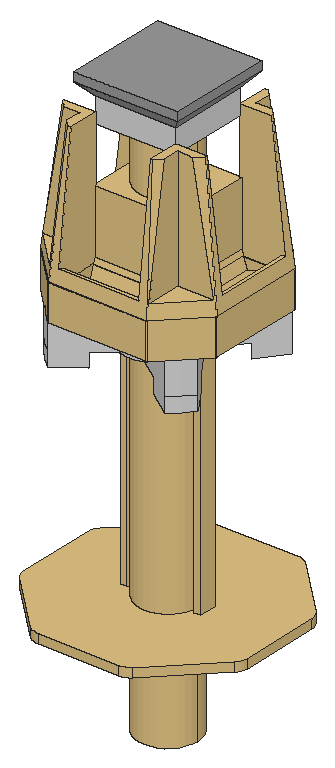
Revit family "CC4_SLOPE CC HEAD_1870440", category Generic Models, Revit 2018
Family settings
  Can host rebar = No
  Round Connector Dimension = Use Diameter
  Part Type = Normal
  OmniClass Number = 35.51.14.00
  OmniClass Title = FORMWORK
  Work Plane-Based = Yes
  Always vertical = No
  Cut with Voids When Loaded = No
  Shared = Yes
  Room Calculation Point = No
Parameters
  VERSION = "20170217"  # constant formula
  URL = "www.ulmaconstruction.com/en"
  UNICLASS = ""
  Manufacturer = "ULMA CONSTRUCTION"  # constant formula
  ITEM_CODE = "1870440"
  FILTER [instance] = ""
  Default Elevation = 0.000 mm
  CLASSIFICATION_TITLE = ""
  CLASSIFICATION_NUMBER = ""
Reference planes
  plane 1 "Centro (Frontal/Posterior)": y = 0
  plane 2: z = 0
  plane 3 "Centro (Izquierda/Derecha)": x = 0
Forms (mm)
  Extrusion 1, solid, material "ULMA BICHROMATE", detail levels medium+fine
    sketch origin (0, 0, 0) x (1, 0, 0) y (0, 1, 0)
      loop
        circle (0, 0) r 20
    from -75 to 314
  Extrusion 2, solid, material "ULMA BICHROMATE", detail levels medium+fine
    sketch origin (0, 0, 0) x (1, 0, 0) y (0, 1, 0)
      loop
        line (26.924, 75) -> (-26.924, 75)
        arc (-26.924, 75) -> (-30.751, 74.239) -> (-33.995, 72.071) r 10
        line (-33.995, 72.071) -> (-72.071, 33.995)
        arc (-72.071, 33.995) -> (-74.239, 30.751) -> (-75, 26.924) r 10
        line (-75, 26.924) -> (-75, -26.924)
        arc (-75, -26.924) -> (-74.239, -30.751) -> (-72.071, -33.995) r 10
        line (-72.071, -33.995) -> (-33.995, -72.071)
        arc (-33.995, -72.071) -> (-30.751, -74.239) -> (-26.924, -75) r 10
        line (-26.924, -75) -> (26.924, -75)
        arc (26.924, -75) -> (30.751, -74.239) -> (33.995, -72.071) r 10
        line (33.995, -72.071) -> (72.071, -33.995)
        arc (72.071, -33.995) -> (74.239, -30.751) -> (75, -26.924) r 10
        line (75, -26.924) -> (75, 26.924)
        arc (75, 26.924) -> (74.239, 30.751) -> (72.071, 33.995) r 10
        line (72.071, 33.995) -> (33.995, 72.071)
        arc (33.995, 72.071) -> (30.751, 74.239) -> (26.924, 75) r 10
    from 0 to 6
  Extrusion 3, solid, material "ULMA BICHROMATE", detail levels fine
    sketch origin (0, 0, 0) x (1, 0, 0) y (0, 1, 0)
      loop
        line (-22.579, 6) -> (-27, 6) -> (-27, -6) -> (-22.579, -6)
        arc (-22.579, -6) -> (-21.807, -3.808) -> (-19.833, -2.582) r 3.5
        arc (-19.833, -2.582) -> (-20, 0) -> (-19.833, 2.582) r 20
        arc (-19.833, 2.582) -> (-21.807, 3.808) -> (-22.579, 6) r 3.5
      loop
        arc (22.579, 6) -> (21.807, 3.808) -> (19.833, 2.582) r 3.5
        arc (19.833, 2.582) -> (20, 0) -> (19.833, -2.582) r 20
        arc (19.833, -2.582) -> (21.807, -3.808) -> (22.579, -6) r 3.5
        line (22.579, -6) -> (27, -6) -> (27, 6) -> (22.579, 6)
    from 6 to 168.413
  Extrusion 4, solid, material "ULMA ZINC", detail levels fine
    sketch origin (0, 0, 0) x (1, 0, 0) y (0, 1, 0)
      loop
        line (-8.322, 29.862) -> (-39.451, 51.659)
        arc (-39.451, 51.659) -> (-45.962, 45.962) -> (-51.659, 39.451) r 65
        line (-51.659, 39.451) -> (-29.862, 8.322)
        arc (-29.862, 8.322) -> (-31, 0) -> (-29.862, -8.322) r 31
        line (-29.862, -8.322) -> (-51.659, -39.451)
        arc (-51.659, -39.451) -> (-45.962, -45.962) -> (-39.451, -51.659) r 65
        line (-39.451, -51.659) -> (-8.322, -29.862)
        arc (-8.322, -29.862) -> (0, -31) -> (8.322, -29.862) r 31
        line (8.322, -29.862) -> (39.451, -51.659)
        arc (39.451, -51.659) -> (45.962, -45.962) -> (51.659, -39.451) r 65
        line (51.659, -39.451) -> (29.862, -8.322)
        arc (29.862, -8.322) -> (31, 0) -> (29.862, 8.322) r 31
        line (29.862, 8.322) -> (51.659, 39.451)
        arc (51.659, 39.451) -> (45.962, 45.962) -> (39.451, 51.659) r 65
        line (39.451, 51.659) -> (8.322, 29.862)
        arc (8.322, 29.862) -> (0, 31) -> (-8.322, 29.862) r 31
    from 162 to 184
  Extrusion 5, solid, material "ULMA ZINC", detail levels fine
    sketch origin (0, 0, 0) x (1, 0, 0) y (0, 1, 0)
      loop
        line (-21.726, 39.248) -> (-39.451, 51.659)
        arc (-39.451, 51.659) -> (-45.962, 45.962) -> (-51.659, 39.451) r 65
        line (-51.659, 39.451) -> (-39.287, 21.781)
        arc (-39.287, 21.781) -> (-31.724, 31.739) -> (-21.726, 39.248) r 45.282
      loop
        line (-39.287, -21.781) -> (-51.659, -39.451)
        arc (-51.659, -39.451) -> (-45.962, -45.962) -> (-39.451, -51.659) r 65
        line (-39.451, -51.659) -> (-21.726, -39.248)
        arc (-21.726, -39.248) -> (-31.724, -31.739) -> (-39.287, -21.781) r 45.282
      loop
        line (21.726, -39.248) -> (39.451, -51.659)
        arc (39.451, -51.659) -> (45.962, -45.962) -> (51.659, -39.451) r 65
        line (51.659, -39.451) -> (39.287, -21.781)
        arc (39.287, -21.781) -> (31.724, -31.739) -> (21.726, -39.248) r 45.282
      loop
        line (39.287, 21.781) -> (51.659, 39.451)
        arc (51.659, 39.451) -> (45.962, 45.962) -> (39.451, 51.659) r 65
        line (39.451, 51.659) -> (21.726, 39.248)
        arc (21.726, 39.248) -> (31.724, 31.739) -> (39.287, 21.781) r 45.282
    from 152 to 162
  Extrusion 6, solid, material "ULMA POLYPROPYLENE BLACK", detail levels medium+fine
    sketch origin (0, 0, 0) x (1, 0, 0) y (0, 1, 0)
      loop
        line (-35, 35) -> (-35, -35) -> (35, -35) -> (35, 35) -> (-35, 35)
    from 317.998 to 323.998
  Extrusion 7, solid, material "ULMA ZINC", detail levels fine
    sketch origin (0, 0, 0) x (1, 0, 0) y (0, 1, 0)
      loop
        line (-27, -27) -> (27, -27) -> (27, 27) -> (-27, 27) -> (-27, -27)
    from 292 to 308.598
  Blend 8, solid, material "ULMA POLYPROPYLENE BLACK", detail levels fine
    base sketch origin (0, 0, 308.598) x (1, 0, 0) y (0, 1, 0)
      loop
        line (-27, -27) -> (27, -27) -> (27, 27) -> (-27, 27) -> (-27, -27)
    top sketch origin (0, 0, 317.998) x (1, 0, 0) y (0, 1, 0)
      loop
        line (-35, -35) -> (35, -35) -> (35, 35) -> (-35, 35) -> (-35, -35)
    from 0 to 0
  Blend 9, solid, material "ULMA BICHROMATE", detail levels fine
    base sketch origin (0, 0, 0) x (1, 0, 0) y (0, 1, 0)
      loop
        line (-33, 59) -> (-59, 33) -> (-59, -33) -> (-33, -59) -> (33, -59) -> (59, -33) -> (59, 33) -> (33, 59) -> (-33, 59)
    top sketch origin (0, 0, 0) x (1, 0, 0) y (0, 1, 0)
      loop
        line (28.444, 48) -> (-28.444, 48) -> (-48, 28.444) -> (-48, -28.444) -> (-28.444, -48) -> (28.444, -48) -> (48, -28.444) -> (48, 28.444) -> (28.444, 48)
    from 208.47 to 299
  Extrusion 10, solid, material "ULMA BICHROMATE", detail levels fine
    sketch origin (0, 0, 0) x (1, 0, 0) y (0, 1, 0)
      loop
        arc (33.293, 58.707) -> (32.968, 58.924) -> (32.586, 59) r 1
        line (32.586, 59) -> (-32.586, 59)
        arc (-32.586, 59) -> (-32.968, 58.924) -> (-33.293, 58.707) r 1
        line (-33.293, 58.707) -> (-58.707, 33.293)
        arc (-58.707, 33.293) -> (-58.924, 32.968) -> (-59, 32.586) r 1
        line (-59, 32.586) -> (-59, -32.586)
        arc (-59, -32.586) -> (-58.924, -32.968) -> (-58.707, -33.293) r 1
        line (-58.707, -33.293) -> (-33.293, -58.707)
        arc (-33.293, -58.707) -> (-32.968, -58.924) -> (-32.586, -59) r 1
        line (-32.586, -59) -> (32.586, -59)
        arc (32.586, -59) -> (32.968, -58.924) -> (33.293, -58.707) r 1
        line (33.293, -58.707) -> (58.707, -33.293)
        arc (58.707, -33.293) -> (58.924, -32.968) -> (59, -32.586) r 1
        line (59, -32.586) -> (59, 32.586)
        arc (59, 32.586) -> (58.924, 32.968) -> (58.707, 33.293) r 1
        line (58.707, 33.293) -> (33.293, 58.707)
    from 184 to 208.47
  Extrusion 11, void
    sketch origin (0, 0, 0) x (1, 0, 0) y (0, 1, 0)
      loop
        line (-61.828, 33) -> (-33, 33) -> (-33, 61.828) -> (-61.828, 33)
      loop
        line (61.828, 33) -> (33, 61.828) -> (33, 33) -> (61.828, 33)
      loop
        line (-61.828, -33) -> (-33, -61.828) -> (-33, -33) -> (-61.828, -33)
      loop
        line (61.828, -33) -> (33, -33) -> (33, -61.828) -> (61.828, -33)
    from 218 to 299
  Extrusion 12, void
    sketch origin (0, 0, 0) x (1, 0, 0) y (0, 0, 1)
      loop
        line (-55.629, 218) -> (-52.5, 206.324) -> (-31.636, 200.734) -> (-27.84, 212.122) -> (-27.84, 302.122) -> (-62.84, 302.122) -> (-62.84, 218) -> (-55.629, 218)
      loop
        line (55.629, 218) -> (62.84, 218) -> (62.84, 302.122) -> (27.84, 302.122) -> (27.84, 212.122) -> (31.636, 200.734) -> (52.5, 206.324) -> (55.629, 218)
    from -27 to 27
  Extrusion 13, void
    sketch origin (0, 0, 0) x (0, 1, 0) y (0, 0, -1)
      loop
        line (-55.629, -218) -> (-62.84, -218) -> (-62.84, -302.122) -> (-27.84, -302.122) -> (-27.84, -212.122) -> (-31.636, -200.734) -> (-52.5, -206.324) -> (-55.629, -218)
      loop
        line (55.629, -218) -> (52.5, -206.324) -> (31.636, -200.734) -> (27.84, -212.122) -> (27.84, -302.122) -> (62.84, -302.122) -> (62.84, -218) -> (55.629, -218)
    from -27 to 27
  Extrusion 14, void
    sketch origin (0, 0, 0) x (1, 0, 0) y (0, 1, 0)
      loop
        line (-34, -27) -> (-27, -27) -> (-27, -34) -> (27, -34) -> (27, -27) -> (34, -27) -> (34, 27) -> (27, 27) -> (27, 34) -> (-27, 34) -> (-27, 27) -> (-34, 27) -> (-34, -27)
    from 255 to 304.679
  Blend 15, solid, material "ULMA BICHROMATE", detail levels medium
    base sketch origin (0, 0, 0) x (1, 0, 0) y (0, 1, 0)
      loop
        line (-33, 59) -> (-59, 33) -> (-59, -33) -> (-33, -59) -> (33, -59) -> (59, -33) -> (59, 33) -> (33, 59) -> (-33, 59)
    top sketch origin (0, 0, 0) x (1, 0, 0) y (0, 1, 0)
      loop
        line (28.444, 48) -> (-28.444, 48) -> (-48, 28.444) -> (-48, -28.444) -> (-28.444, -48) -> (28.444, -48) -> (48, -28.444) -> (48, 28.444) -> (28.444, 48)
    from 208.47 to 317.998
  Extrusion 16, solid, material "ULMA BICHROMATE", detail levels medium
    sketch origin (0, 0, 0) x (1, 0, 0) y (0, 1, 0)
      loop
        arc (33.293, 58.707) -> (32.968, 58.924) -> (32.586, 59) r 1
        line (32.586, 59) -> (-32.586, 59)
        arc (-32.586, 59) -> (-32.968, 58.924) -> (-33.293, 58.707) r 1
        line (-33.293, 58.707) -> (-58.707, 33.293)
        arc (-58.707, 33.293) -> (-58.924, 32.968) -> (-59, 32.586) r 1
        line (-59, 32.586) -> (-59, -32.586)
        arc (-59, -32.586) -> (-58.924, -32.968) -> (-58.707, -33.293) r 1
        line (-58.707, -33.293) -> (-33.293, -58.707)
        arc (-33.293, -58.707) -> (-32.968, -58.924) -> (-32.586, -59) r 1
        line (-32.586, -59) -> (32.586, -59)
        arc (32.586, -59) -> (32.968, -58.924) -> (33.293, -58.707) r 1
        line (33.293, -58.707) -> (58.707, -33.293)
        arc (58.707, -33.293) -> (58.924, -32.968) -> (59, -32.586) r 1
        line (59, -32.586) -> (59, 32.586)
        arc (59, 32.586) -> (58.924, 32.968) -> (58.707, 33.293) r 1
        line (58.707, 33.293) -> (33.293, 58.707)
    from 184 to 208.47
Cuts and joins
  Extrusion 11, Extrusion 14 cuts Extrusion 4
  Extrusion 11, Extrusion 14 cuts Extrusion 5
  joined: Extrusion 4, Extrusion 5
  Extrusion 11, Extrusion 14 cuts Extrusion 2
  Extrusion 11, Extrusion 12, Extrusion 13, Extrusion 14 cuts Blend 9
  Extrusion 11, Extrusion 12, Extrusion 13, Extrusion 14 cuts Extrusion 10
  Extrusion 14 cuts Extrusion 3
Lines and regions (mm)
  model lines, style "ULMA SLOPE CC HEAD", detail levels fine
    curve 1: circle (-25.843, 62.39, 0) r 6 normal (0, 0, 1)
    curve 2: circle (40, 40, 0) r 7 normal (0, 0, 1)
    curve 3: circle (-40, -40, 0) r 7 normal (0, 0, 1)
    curve 4: circle (25.843, -62.39, 0) r 6 normal (0, 0, 1)
    curve 5: circle (-25.843, 62.39, 6) r 6 normal (0, 0, 1)
    curve 6: circle (40, 40, 6) r 7 normal (0, 0, 1)
    curve 7: circle (-40, -40, 6) r 7 normal (0, 0, 1)
    curve 8: circle (25.843, -62.39, 6) r 6 normal (0, 0, 1)
  model lines, style "ULMA REFERENCE", detail levels medium+fine
    curve 9: line (0, 35, 323.998) -> (0, -35, 323.998)
    curve 10: line (-35, 0, 323.998) -> (35, 0, 323.998)
  model lines, style "ULMA SLOPE CC HEAD", detail levels coarse
    curve 11: line (-45, 90, 323.998) -> (45, 90, 323.998)
    curve 12: line (45, 90, 323.998) -> (90, 45, 323.998)
    curve 13: line (90, 45, 323.998) -> (90, -45, 323.998)
    curve 14: line (90, -45, 323.998) -> (45, -90, 323.998)
    curve 15: line (45, -90, 323.998) -> (-45, -90, 323.998)
    curve 16: line (-45, -90, 323.998) -> (-90, -45, 323.998)
    curve 17: line (-90, -45, 323.998) -> (-90, 45, 323.998)
    curve 18: line (-90, 45, 323.998) -> (-45, 90, 323.998)
    curve 19: line (0, 35, 323.998) -> (0, -35, 323.998)
    curve 20: line (-35, 0, 323.998) -> (35, 0, 323.998)
Dimensions and locks
  aligned and locked: level to plane 2
